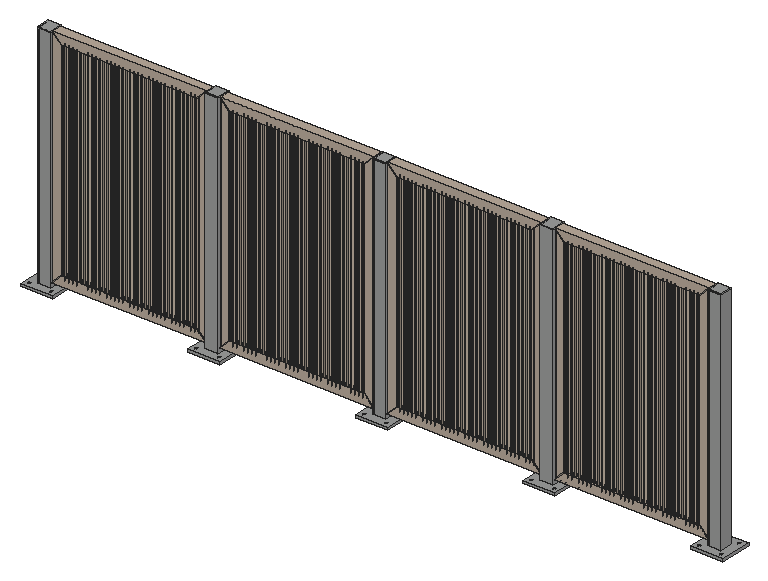
Revit family "Palmshield-Achilles-Louver-Array", category Specialty Equipment, Revit 2025 (continued)
Definition of nested family "Nested-Square_Post-Palmshield-Achilles"
  Dimensions and locks (in)
    aligned and locked: plane 4 to Sweep 2 sketch curve
  Automatic sketch dimensions
    Extrusion 1 sketch curve to Extrusion 1 sketch curve = 8' - 0"  (x2)
    Sweep 2 sketch curve to level = 0' - 0"
Definition of nested family "Nested-Top_Cap-Palmshield-Achilles"
  Parameters (values of type "4" x 4" x 1/4"")
    Width = 0' - 4"  # constant formula
    Warranty URL = "https://palmshieldlouvers.com/wp-content/uploads/2020/01/PalmSHIELD-Warranty-NO-SIGN-LINE.pdf"
    Version = "2020 - v1.0a"  # constant formula
    URL = "https://palmshieldlouvers.com/"
    Thickness = 0' - 0 1/4"  # constant formula
    Product Page URL = "https://palmshieldlouvers.com/products/achilles-louver/"
    Product Documentation Link = "https://palmshieldlouvers.com/wp-content/uploads/2022/10/PalmSHIELD-Horizontal-Louvers-Technical-Data-Sheets-updated-100722.pdf"
    Model = "Achilles"  # constant formula
    Material [instance] = none
    Manufacturer Phone Number = "531-329-4406 "  # constant formula
    Manufacturer Fax Number = "Consult Manufacturer Website for More Information"  # constant formula
    Manufacturer Email = "mailto: info@palmshieldlouvers.com"
    Manufacturer Address = "12330 Cary Circle, La Vista, NE 68128"  # constant formula
    Manufacturer = "PalmSHIELD"  # constant formula
    Keynote = "05 10 00"
    Instruction Sheet Link = "https://palmshieldlouvers.com/wp-content/uploads/2020/01/PalmSHIELD-Post-Panel-Gate-Installation-Instructions-REV-1.pdf"
    ID [instance] = ""
    Description = "Achilles - Top Cap"  # constant formula
    Default Elevation = 4' - 0"
    Copyright = "Copyright ©2024 The American Fence Company and PalmSHIELD. All Rights Reserved."  # constant formula
    Component Name [instance] = "Achilles - Aluminum - Square Top Cap"  # constant formula
    Assembly Code = "F1020100"
  Reference planes (in)
    plane 1 "Center (Front/Back)": y = 0
    plane 2: z = 0
    plane 3 "Center (Left/Right)": x = 0
    plane 4: y = 2
    plane 5: x = 2
    plane 6: y = -2
    plane 7: x = -2
    plane 8: z = 0.25
  Forms (in)
    Extrusion 1, solid
      sketch origin (0, 0, 0) x (1, 0, 0) y (0, 1, 0)
        loop
          line (-48, 48) -> (-48, -48) -> (48, -48) -> (48, 48) -> (-48, 48)
      from 0 to -12
    Extrusion 2, solid, material <- "Material"
      sketch origin (0, 0, 0) x (1, 0, 0) y (0, 1, 0)
        loop
          line (-2, 2) -> (-2, -2) -> (2, -2) -> (2, 2) -> (-2, 2)
      from 0 to 0.25
  Dimensions and locks (in)
    equal spacing: plane 7, plane 3 "Center (Left/Right)", plane 5
    equal spacing: plane 4, plane 1 "Center (Front/Back)", plane 6
    "Width": plane 7 to plane 5
    "Width": plane 4 to plane 6
    "Thickness": plane 8 to plane 2
    aligned and locked: plane 2 to Extrusion 1
    aligned and locked: level to Extrusion 1
    aligned and locked: Extrusion 2 sketch curve to plane 4
    aligned and locked: plane 7 to Extrusion 2 sketch curve
    aligned and locked: Extrusion 2 sketch curve to plane 6
    aligned and locked: Extrusion 2 sketch curve to plane 5
    aligned and locked: plane 8 to Extrusion 2
  Automatic sketch dimensions
    Extrusion 1 sketch curve to Extrusion 1 sketch curve = 8' - 0"  (x2)
Definition of nested family "Nested-L_Frame-Palmshield-Achilles"
  Parameters (values of type "AL L3" X 3" X 1/4"")
    Width = 0' - 3"  # constant formula
    Warranty URL = "https://palmshieldlouvers.com/wp-content/uploads/2020/01/PalmSHIELD-Warranty-NO-SIGN-LINE.pdf"
    Version = "2020 - v1.0a"  # constant formula
    URL = "https://palmshieldlouvers.com/"
    Thickness = 0' - 0 1/4"  # constant formula
    Product Page URL = "https://palmshieldlouvers.com/products/achilles-louver/"
    Product Documentation Link = "https://palmshieldlouvers.com/wp-content/uploads/2022/10/PalmSHIELD-Horizontal-Louvers-Technical-Data-Sheets-updated-100722.pdf"
    Model = "Achilles"  # constant formula
    Material [instance] = none
    Manufacturer Phone Number = "531-329-4406 "  # constant formula
    Manufacturer Fax Number = "Consult Manufacturer Website for More Information"  # constant formula
    Manufacturer Email = "mailto: info@palmshieldlouvers.com"
    Manufacturer Address = "12330 Cary Circle, La Vista, NE 68128"  # constant formula
    Manufacturer = "PalmSHIELD"  # constant formula
    Length [instance] = 4' - 4.86713"
    Keynote = "05 10 00"
    Instruction Sheet Link = "https://palmshieldlouvers.com/wp-content/uploads/2020/01/PalmSHIELD-Post-Panel-Gate-Installation-Instructions-REV-1.pdf"
    ID [instance] = ""
    Description = "Achilles - L Frame"  # constant formula
    Default Elevation = 4' - 0"
    Copyright = "Copyright ©2024 The American Fence Company and PalmSHIELD. All Rights Reserved."  # constant formula
    Component Name [instance] = "Achilles - Aluminum - L Frame"  # constant formula
    C Hole Offset = 0' - 1 1/2"  # constant formula
    B-Side Cut Angle [instance] = 45.00°
    Assembly Code = "F1020100"
    A-Side Cut Angle [instance] = 45.00°
  Reference planes (in)
    plane 1 "Center (Front/Back)": y = 0
    plane 2: z = 0
    plane 3 "Center (Left/Right)": x = 0
    plane 4: x = 3
    plane 5: y = -52.86713
    plane 6: z = 3
  Forms (in)
    Extrusion 1, solid
      sketch origin (0, 0, 0) x (1, 0, 0) y (0, 1, 0)
        loop
          line (-48, 48) -> (-48, -48) -> (48, -48) -> (48, 48) -> (-48, 48)
      from 0 to -12
    Sweep 2, solid, material <- "Material"
      path origin (0, 0, 0) x (0, 1, 0) y (0, 0, 1)
        loop
          line (0, 0) -> (-52.86713, 0)
      profile "Profile-Palmshield-L : AL L3" X 3" X 1/4" - 6061-T6" origin (0, -26.43357, 0) x (0, 0, -1) y (1, 0, 0)
        loop
          line (-0.3125, 0.25) -> (-2.875, 0.25)
          arc (-2.875, 0.25) -> (-2.96339, 0.21339) -> (-3, 0.125) r 0.125
          line (-3, 0.125) -> (-3, 0) -> (0, 0) -> (0, 3) -> (-0.125, 3)
          arc (-0.125, 3) -> (-0.21339, 2.96339) -> (-0.25, 2.875) r 0.125
          line (-0.25, 2.875) -> (-0.25, 0.3125)
          arc (-0.25, 0.3125) -> (-0.26831, 0.26831) -> (-0.3125, 0.25) r 0.0625
    Extrusion 3, void
      sketch origin (0, 0, 0) x (0, 1, 0) y (0, 0, 1)
        loop
          line (-3, 3) -> (0, 0) -> (4.7449, 0) -> (4.7449, 3) -> (-3, 3)
        loop
          line (-57.61203, 3) -> (-57.61203, 0) -> (-52.86713, 0) -> (-49.86713, 3) -> (-57.61203, 3)
      from 0 to 3
  Cuts and joins
    Extrusion 3 cuts Sweep 2
  Dimensions and locks (in)
    "Width": plane 3 "Center (Left/Right)" to plane 4
    "Length": plane 1 "Center (Front/Back)" to plane 5
    "Width": plane 6 to plane 2
    locked: Extrusion 3 sketch curve to plane 1 "Center (Front/Back)" at 4.7449
    locked: plane 5 to Extrusion 3 sketch curve at 4.7449
    "B-Side Cut Angle": angle Extrusion 3 sketch curve to plane 1 "Center (Front/Back)"
    "A-Side Cut Angle": angle plane 5 to Extrusion 3 sketch curve
    aligned and locked: plane 2 to Extrusion 1
    aligned and locked: level to Extrusion 1
    aligned and locked: plane 1 "Center (Front/Back)" to Sweep 2 sketch curve
    aligned and locked: plane 5 to Sweep 2 sketch curve
    aligned and locked: Extrusion 3 sketch curve to plane 6
    aligned and locked: level to Extrusion 3 sketch curve
    aligned and locked: plane 6 to Extrusion 3 sketch curve
    aligned and locked: Extrusion 3 sketch curve to plane 2
    aligned and locked: plane 1 "Center (Front/Back)" to Extrusion 3 sketch curve
    aligned and locked: plane 2 to Extrusion 3 sketch curve
    aligned and locked: plane 5 to Extrusion 3 sketch curve
    aligned and locked: Extrusion 3 to plane 3 "Center (Left/Right)"
    aligned and locked: Extrusion 3 to plane 4
  Automatic sketch dimensions
    Extrusion 1 sketch curve to Extrusion 1 sketch curve = 8' - 0"  (x2)
    Sweep 2 sketch curve to level = 0' - 0"
Definition of nested family "Nested-Louvers-Palmshield-Achilles"
  Parameters (values of type "1 3/4' X 1 3/4" X 1/8" VERTICAL LOUVERS")
    Width = 0' - 1 3/4"  # constant formula
    Warranty URL = "https://palmshieldlouvers.com/wp-content/uploads/2020/01/PalmSHIELD-Warranty-NO-SIGN-LINE.pdf"
    Version = "2020 - v1.0a"  # constant formula
    URL = "https://palmshieldlouvers.com/"
    Thickness = 0' - 0 1/8"  # constant formula
    Product Page URL = "https://palmshieldlouvers.com/products/achilles-louver/"
    Product Documentation Link = "https://palmshieldlouvers.com/wp-content/uploads/2022/10/PalmSHIELD-Horizontal-Louvers-Technical-Data-Sheets-updated-100722.pdf"
    Model = "Achilles"  # constant formula
    Material [instance] = none
    Manufacturer Phone Number = "531-329-4406 "  # constant formula
    Manufacturer Fax Number = "Consult Manufacturer Website for More Information"  # constant formula
    Manufacturer Email = "mailto: info@palmshieldlouvers.com"
    Manufacturer Address = "12330 Cary Circle, La Vista, NE 68128"  # constant formula
    Manufacturer = "PalmSHIELD"  # constant formula
    Length [instance] = 4' - 4.86713"
    Keynote = "05 10 00"
    Instruction Sheet Link = "https://palmshieldlouvers.com/wp-content/uploads/2020/01/PalmSHIELD-Post-Panel-Gate-Installation-Instructions-REV-1.pdf"
    ID [instance] = ""
    Description = "Achilles - Vertical Louver"  # constant formula
    Default Elevation = 4' - 0"
    Copyright = "Copyright ©2024 The American Fence Company and PalmSHIELD. All Rights Reserved."  # constant formula
    Component Name [instance] = "Achilles - Aluminum - Vertical Louver"  # constant formula
    Assembly Code = "F1020100"
  Reference planes (in)
    plane 1 "Center (Front/Back)": y = 0
    plane 2: z = 0
    plane 3 "Center (Left/Right)": x = 0
    plane 4: z = 52.86713
    plane 5: y = -1.23744
    plane 6: x = 1.32936
  Forms (in)
    Extrusion 1, solid
      sketch origin (0, 0, 0) x (1, 0, 0) y (0, 1, 0)
        loop
          line (-48, 48) -> (-48, -48) -> (48, -48) -> (48, 48) -> (-48, 48)
      from 0 to -12
    Sweep 2, solid, material <- "Material", detail levels medium+fine
      path origin (0, 0, 0) x (0, 1, 0) y (0, 0, 1)
        loop
          line (0, 0) -> (0, 52.86713)
      profile origin (0, 0, 26.43357) x (0, -1, 0) y (1, 0, 0)
        loop
          line (-0.04419, 0.22804) -> (-1.09955, 1.2834)
          arc (-1.09955, 1.2834) -> (-1.14551, 1.30244) -> (-1.19147, 1.2834) r 0.065
          line (-1.19147, 1.2834) -> (-1.23744, 1.23744) -> (0, 0) -> (1.23744, 1.23744) -> (1.19147, 1.2834)
          arc (1.19147, 1.2834) -> (1.14551, 1.30244) -> (1.09955, 1.2834) r 0.065
          line (1.09955, 1.2834) -> (0.04419, 0.22804)
          arc (0.04419, 0.22804) -> (0, 0.20974) -> (-0.04419, 0.22804) r 0.0625
    Sweep 3, solid, material <- "Material", detail levels coarse
      path origin (0, 0, 0) x (0, 1, 0) y (0, 0, 1)
        loop
          line (0, 0) -> (0, 52.86713)
      profile origin (0, 0, 26.43357) x (0, -1, 0) y (1, 0, 0)
        loop
          line (0, 0) -> (1.23744, 1.23744) -> (1.14551, 1.32936) -> (0, 0.18385) -> (-1.14551, 1.32936) -> (-1.23744, 1.23744) -> (0, 0)
  Dimensions and locks (in)
    "Length": plane 4 to plane 2
    aligned and locked: plane 2 to Extrusion 1
    aligned and locked: level to Extrusion 1
    aligned and locked: plane 1 "Center (Front/Back)" to Sweep 2 sketch curve
    aligned and locked: plane 4 to Sweep 2 sketch curve
    aligned and locked: plane 4 to Sweep 3 sketch curve
  Automatic sketch dimensions
    Extrusion 1 sketch curve to Extrusion 1 sketch curve = 8' - 0"  (x2)
    Sweep 2 sketch curve to level = 0' - 0"
    Sweep 3 sketch curve to plane 3 "Center (Left/Right)" = 0' - 0"
    Sweep 3 sketch curve to profile plane = 0' - 0"
    profile plane to Sweep 3 sketch curve = 0' - 0"
    profile plane to Sweep 3 sketch curve = 0' - 1.14551"
    Sweep 3 sketch curve to profile plane = 0' - 1.14551"
    Sweep 3 sketch curve to Sweep 3 sketch curve = 0' - 0.09192"
    plane 3 "Center (Left/Right)" to Sweep 3 sketch curve = 0' - 1.23744"
    Sweep 3 sketch curve to plane 1 "Center (Front/Back)" = 0' - 0"
    Sweep 3 sketch curve to level = 0' - 0"
    Sweep 2 sketch curve to plane 3 "Center (Left/Right)" = 0' - 0"
    Sweep 2 sketch curve to profile plane = 0' - 0"  (x2)
    profile plane to Sweep 2 sketch curve = 0' - 0.04419"
    profile plane to Sweep 2 sketch curve = 0' - 1.09955"
    Sweep 2 sketch curve to Sweep 2 sketch curve = 0' - 0.04596"  (x8)
    Sweep 2 sketch curve to profile plane = 0' - 0.04419"
    Sweep 2 sketch curve to profile plane = 0' - 1.09955"
    plane 3 "Center (Left/Right)" to Sweep 2 sketch curve = 0' - 0.22804"
    Sweep 2 sketch curve to Sweep 2 sketch curve = 0' - 0.04419"
    plane 3 "Center (Left/Right)" to Sweep 2 sketch curve = 0' - 1.23744"
Definition of nested family "Screening-Louver-Assembly-Post-Palmshield-Achilles"
  Parameters (values of type "10" x 10" x 3/4"")
    Width = 0' - 10"  # constant formula
    Warranty URL = "https://palmshieldlouvers.com/wp-content/uploads/2020/01/PalmSHIELD-Warranty-NO-SIGN-LINE.pdf"
    Version = "2020 - v1.0a"  # constant formula
    URL = "https://palmshieldlouvers.com/"
    Thickness = 0' - 0 3/4"  # constant formula
    Product Page URL = "https://palmshieldlouvers.com/products/achilles-louver/"
    Product Documentation Link = "https://palmshieldlouvers.com/wp-content/uploads/2022/10/PalmSHIELD-Horizontal-Louvers-Technical-Data-Sheets-updated-100722.pdf"
    Model = "Achilles"  # constant formula
    Material [instance] = none
    Manufacturer Phone Number = "531-329-4406 "  # constant formula
    Manufacturer Fax Number = "Consult Manufacturer Website for More Information"  # constant formula
    Manufacturer Email = "mailto: info@palmshieldlouvers.com"
    Manufacturer Address = "12330 Cary Circle, La Vista, NE 68128"  # constant formula
    Manufacturer = "PalmSHIELD"  # constant formula
    Keynote = "05 10 00"
    Instruction Sheet Link = "https://palmshieldlouvers.com/wp-content/uploads/2020/01/PalmSHIELD-Post-Panel-Gate-Installation-Instructions-REV-1.pdf"
    ID [instance] = ""
    Hole Diameter = 0' - 0 3/4"  # constant formula
    Description = "Achilles - Base Plate"  # constant formula
    Default Elevation = 4' - 0"
    Copyright = "Copyright ©2024 The American Fence Company and PalmSHIELD. All Rights Reserved."  # constant formula
    Component Name [instance] = "Achilles - Aluminum - Base Plate"  # constant formula
    C Hole Offset = 0' - 1 1/2"  # constant formula
    Assembly Code = "F1020100"
Definition of nested family "Screening-Louver-Assembly-Panel-Palmshield-Achilles"
  Parameters (values of type "AL L3" X 3" X 1/4"")
    Width = 0' - 3"  # constant formula
    Warranty URL = "https://palmshieldlouvers.com/wp-content/uploads/2020/01/PalmSHIELD-Warranty-NO-SIGN-LINE.pdf"
    Version = "2020 - v1.0a"  # constant formula
    URL = "https://palmshieldlouvers.com/"
    Thickness = 0' - 0 1/4"  # constant formula
    Product Page URL = "https://palmshieldlouvers.com/products/achilles-louver/"
    Product Documentation Link = "https://palmshieldlouvers.com/wp-content/uploads/2022/10/PalmSHIELD-Horizontal-Louvers-Technical-Data-Sheets-updated-100722.pdf"
    Model = "Achilles"  # constant formula
    Material [instance] = none
    Manufacturer Phone Number = "531-329-4406 "  # constant formula
    Manufacturer Fax Number = "Consult Manufacturer Website for More Information"  # constant formula
    Manufacturer Email = "mailto: info@palmshieldlouvers.com"
    Manufacturer Address = "12330 Cary Circle, La Vista, NE 68128"  # constant formula
    Manufacturer = "PalmSHIELD"  # constant formula
    Length [instance] = 4' - 4.86713"
    Keynote = "05 10 00"
    Instruction Sheet Link = "https://palmshieldlouvers.com/wp-content/uploads/2020/01/PalmSHIELD-Post-Panel-Gate-Installation-Instructions-REV-1.pdf"
    ID [instance] = ""
    Description = "Achilles - L Frame"  # constant formula
    Default Elevation = 4' - 0"
    Copyright = "Copyright ©2024 The American Fence Company and PalmSHIELD. All Rights Reserved."  # constant formula
    Component Name [instance] = "Achilles - Aluminum - L Frame"  # constant formula
    C Hole Offset = 0' - 1 1/2"  # constant formula
    B-Side Cut Angle [instance] = 45.00°
    Assembly Code = "F1020100"
    A-Side Cut Angle [instance] = 45.00°
